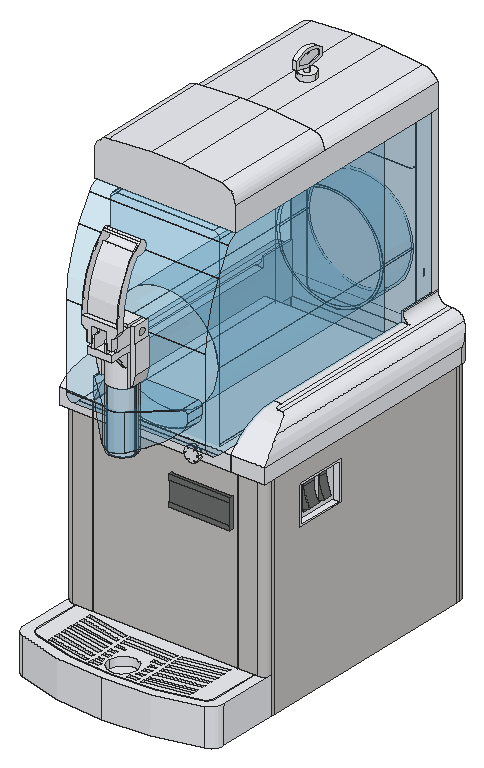
Revit family "QF_ELECTROLUXPROFESSIONAL_560102_SP1NewUK", category Specialty Equipment, Revit 2018 (continued)
Lines and regions (mm)
  Split face 68
    outline origin (-128, -90, 0) x (0, -1, 0) y (0, 0, -1)
      loop
        line (-30.859, -262.213) -> (-104.859, -262.213) -> (-100.359, -270.213) -> (-35.359, -270.213) -> (-30.859, -262.213)
  Split face 69
    outline origin (-128, -90, 0) x (0, -1, 0) y (0, 0, -1)
      loop
        line (-30.859, -252.213) -> (-104.859, -252.213) -> (-100.359, -260.213) -> (-35.359, -260.213) -> (-30.859, -252.213)
  Split face 70
    outline origin (-128, -90, 0) x (0, -1, 0) y (0, 0, -1)
      loop
        line (-30.859, -242.213) -> (-104.859, -242.213) -> (-100.359, -250.213) -> (-35.359, -250.213) -> (-30.859, -242.213)
  Split face 71
    outline origin (-128, -90, -20) x (0, -1, 0) y (0, 0, -1)
      loop
        line (-30.859, -252.213) -> (-104.859, -252.213) -> (-100.359, -260.213) -> (-35.359, -260.213) -> (-30.859, -252.213)
  Split face 72
    outline origin (-128, -90, -20) x (0, -1, 0) y (0, 0, -1)
      loop
        line (-30.859, -242.213) -> (-104.859, -242.213) -> (-100.359, -250.213) -> (-35.359, -250.213) -> (-30.859, -242.213)
  Split face 73
    outline origin (-128, -90, -40) x (0, -1, 0) y (0, 0, -1)
      loop
        line (-30.859, -252.213) -> (-104.859, -252.213) -> (-100.359, -260.213) -> (-35.359, -260.213) -> (-30.859, -252.213)
  Split face 74
    outline origin (-128, -90, -40) x (0, -1, 0) y (0, 0, -1)
      loop
        line (-30.859, -242.213) -> (-104.859, -242.213) -> (-100.359, -250.213) -> (-35.359, -250.213) -> (-30.859, -242.213)
  Split face 75
    outline origin (-128, -90, -60) x (0, -1, 0) y (0, 0, -1)
      loop
        line (-30.859, -252.213) -> (-104.859, -252.213) -> (-100.359, -260.213) -> (-35.359, -260.213) -> (-30.859, -252.213)
  Split face 76
    outline origin (-128, -90, -60) x (0, -1, 0) y (0, 0, -1)
      loop
        line (-30.859, -242.213) -> (-104.859, -242.213) -> (-100.359, -250.213) -> (-35.359, -250.213) -> (-30.859, -242.213)
  Split face 77
    outline origin (-128, -90, -80) x (0, -1, 0) y (0, 0, -1)
      loop
        line (-30.859, -252.213) -> (-104.859, -252.213) -> (-100.359, -260.213) -> (-35.359, -260.213) -> (-30.859, -252.213)
  Split face 78
    outline origin (-128, -90, -80) x (0, -1, 0) y (0, 0, -1)
      loop
        line (-30.859, -242.213) -> (-104.859, -242.213) -> (-100.359, -250.213) -> (-35.359, -250.213) -> (-30.859, -242.213)
  Split face 79
    outline origin (-128, -90, -100) x (0, -1, 0) y (0, 0, -1)
      loop
        line (-30.859, -252.213) -> (-104.859, -252.213) -> (-100.359, -260.213) -> (-35.359, -260.213) -> (-30.859, -252.213)
  Split face 80
    outline origin (-128, -90, -100) x (0, -1, 0) y (0, 0, -1)
      loop
        line (-30.859, -242.213) -> (-104.859, -242.213) -> (-100.359, -250.213) -> (-35.359, -250.213) -> (-30.859, -242.213)
  Split face 81
    outline origin (-128, -90, -120) x (0, -1, 0) y (0, 0, -1)
      loop
        line (-30.859, -252.213) -> (-104.859, -252.213) -> (-100.359, -260.213) -> (-35.359, -260.213) -> (-30.859, -252.213)
  Split face 82
    outline origin (-128, -90, -120) x (0, -1, 0) y (0, 0, -1)
      loop
        line (-30.859, -242.213) -> (-104.859, -242.213) -> (-100.359, -250.213) -> (-35.359, -250.213) -> (-30.859, -242.213)
  Split face 83
    outline origin (-128, -90, -140) x (0, -1, 0) y (0, 0, -1)
      loop
        line (-30.859, -252.213) -> (-104.859, -252.213) -> (-100.359, -260.213) -> (-35.359, -260.213) -> (-30.859, -252.213)
  Split face 84
    outline origin (-128, -90, -140) x (0, -1, 0) y (0, 0, -1)
      loop
        line (-30.859, -242.213) -> (-104.859, -242.213) -> (-100.359, -250.213) -> (-35.359, -250.213) -> (-30.859, -242.213)
  Split face 85
    outline origin (-128, -90, -160) x (0, -1, 0) y (0, 0, -1)
      loop
        line (-30.859, -252.213) -> (-104.859, -252.213) -> (-100.359, -260.213) -> (-35.359, -260.213) -> (-30.859, -252.213)
  Split face 86
    outline origin (-128, -90, -160) x (0, -1, 0) y (0, 0, -1)
      loop
        line (-30.859, -242.213) -> (-104.859, -242.213) -> (-100.359, -250.213) -> (-35.359, -250.213) -> (-30.859, -242.213)
  Split face 87
    outline origin (-128, -90, -180) x (0, -1, 0) y (0, 0, -1)
      loop
        line (-30.859, -252.213) -> (-104.859, -252.213) -> (-100.359, -260.213) -> (-35.359, -260.213) -> (-30.859, -252.213)
  Split face 88
    outline origin (-128, -90, -180) x (0, -1, 0) y (0, 0, -1)
      loop
        line (-30.859, -242.213) -> (-104.859, -242.213) -> (-100.359, -250.213) -> (-35.359, -250.213) -> (-30.859, -242.213)
  Split face 89
    outline origin (-128, -90, -200) x (0, -1, 0) y (0, 0, -1)
      loop
        line (-30.859, -252.213) -> (-104.859, -252.213) -> (-100.359, -260.213) -> (-35.359, -260.213) -> (-30.859, -252.213)
  Split face 90
    outline origin (-128, -90, -200) x (0, -1, 0) y (0, 0, -1)
      loop
        line (-30.859, -242.213) -> (-104.859, -242.213) -> (-100.359, -250.213) -> (-35.359, -250.213) -> (-30.859, -242.213)
  Split face 91
    outline origin (-89.958, 209.321, 14) x (1, 0, 0) y (0, 0, -1)
      loop
        line (19.909, -204.404) -> (29.909, -204.404) -> (29.909, -141.98) -> (19.909, -141.98) -> (19.909, -204.404)
  Split face 92
    outline origin (-76.909, 209.321, 14) x (1, 0, 0) y (0, 0, -1)
      loop
        line (19.909, -204.404) -> (29.909, -204.404) -> (29.909, -141.98) -> (19.909, -141.98) -> (19.909, -204.404)
  Split face 93
    outline origin (-63.909, 209.321, 14) x (1, 0, 0) y (0, 0, -1)
      loop
        line (19.909, -204.404) -> (29.909, -204.404) -> (29.909, -141.98) -> (19.909, -141.98) -> (19.909, -204.404)
  Split face 94
    outline origin (-50.909, 209.321, 14) x (1, 0, 0) y (0, 0, -1)
      loop
        line (19.909, -204.404) -> (29.909, -204.404) -> (29.909, -141.98) -> (19.909, -141.98) -> (19.909, -204.404)
  Split face 95
    outline origin (-37.909, 209.321, 14) x (1, 0, 0) y (0, 0, -1)
      loop
        line (19.909, -204.404) -> (29.909, -204.404) -> (29.909, -141.98) -> (19.909, -141.98) -> (19.909, -204.404)
  Split face 96
    outline origin (-24.909, 209.321, 14) x (1, 0, 0) y (0, 0, -1)
      loop
        line (19.909, -204.404) -> (29.909, -204.404) -> (29.909, -141.98) -> (19.909, -141.98) -> (19.909, -204.404)
  Split face 97
    outline origin (89.958, 209.321, 14) x (-1, 0, 0) y (0, 0, 1)
      loop
        line (19.909, 204.404) -> (19.909, 141.98) -> (29.909, 141.98) -> (29.909, 204.404) -> (19.909, 204.404)
  Split face 98
    outline origin (76.909, 209.321, 14) x (-1, 0, 0) y (0, 0, 1)
      loop
        line (19.909, 204.404) -> (19.909, 141.98) -> (29.909, 141.98) -> (29.909, 204.404) -> (19.909, 204.404)
  Split face 99
    outline origin (63.909, 209.321, 14) x (-1, 0, 0) y (0, 0, 1)
      loop
        line (19.909, 204.404) -> (19.909, 141.98) -> (29.909, 141.98) -> (29.909, 204.404) -> (19.909, 204.404)
  Split face 100
    outline origin (50.909, 209.321, 14) x (-1, 0, 0) y (0, 0, 1)
      loop
        line (19.909, 204.404) -> (19.909, 141.98) -> (29.909, 141.98) -> (29.909, 204.404) -> (19.909, 204.404)
  Split face 101
    outline origin (37.909, 209.321, 14) x (-1, 0, 0) y (0, 0, 1)
      loop
        line (19.909, 204.404) -> (19.909, 141.98) -> (29.909, 141.98) -> (29.909, 204.404) -> (19.909, 204.404)
  Split face 102
    outline origin (-89.958, 209.321, -53) x (1, 0, 0) y (0, 0, -1)
      loop
        line (19.909, -204.404) -> (29.909, -204.404) -> (29.909, -141.98) -> (19.909, -141.98) -> (19.909, -204.404)
  Split face 103
    outline origin (-76.909, 209.321, -53) x (1, 0, 0) y (0, 0, -1)
      loop
        line (19.909, -204.404) -> (29.909, -204.404) -> (29.909, -141.98) -> (19.909, -141.98) -> (19.909, -204.404)
  Split face 104
    outline origin (-63.909, 209.321, -53) x (1, 0, 0) y (0, 0, -1)
      loop
        line (19.909, -204.404) -> (29.909, -204.404) -> (29.909, -141.98) -> (19.909, -141.98) -> (19.909, -204.404)
  Split face 105
    outline origin (-50.909, 209.321, -53) x (1, 0, 0) y (0, 0, -1)
      loop
        line (19.909, -204.404) -> (29.909, -204.404) -> (29.909, -141.98) -> (19.909, -141.98) -> (19.909, -204.404)
  Split face 106
    outline origin (-37.909, 209.321, -53) x (1, 0, 0) y (0, 0, -1)
      loop
        line (19.909, -204.404) -> (29.909, -204.404) -> (29.909, -141.98) -> (19.909, -141.98) -> (19.909, -204.404)
  Split face 107
    outline origin (-24.909, 209.321, -53) x (1, 0, 0) y (0, 0, -1)
      loop
        line (19.909, -204.404) -> (29.909, -204.404) -> (29.909, -141.98) -> (19.909, -141.98) -> (19.909, -204.404)
  Split face 108
    outline origin (89.958, 209.321, -53) x (-1, 0, 0) y (0, 0, 1)
      loop
        line (19.909, 204.404) -> (19.909, 141.98) -> (29.909, 141.98) -> (29.909, 204.404) -> (19.909, 204.404)
  Split face 109
    outline origin (76.909, 209.321, -53) x (-1, 0, 0) y (0, 0, 1)
      loop
        line (19.909, 204.404) -> (19.909, 141.98) -> (29.909, 141.98) -> (29.909, 204.404) -> (19.909, 204.404)
  Split face 110
    outline origin (63.909, 209.321, -53) x (-1, 0, 0) y (0, 0, 1)
      loop
        line (19.909, 204.404) -> (19.909, 141.98) -> (29.909, 141.98) -> (29.909, 204.404) -> (19.909, 204.404)
  Split face 111
    outline origin (50.909, 209.321, -53) x (-1, 0, 0) y (0, 0, 1)
      loop
        line (19.909, 204.404) -> (19.909, 141.98) -> (29.909, 141.98) -> (29.909, 204.404) -> (19.909, 204.404)
  Split face 112
    outline origin (37.909, 209.321, -53) x (-1, 0, 0) y (0, 0, 1)
      loop
        line (19.909, 204.404) -> (19.909, 141.98) -> (29.909, 141.98) -> (29.909, 204.404) -> (19.909, 204.404)
  Split face 113
    outline origin (-89.958, 209.321, -120) x (1, 0, 0) y (0, 0, -1)
      loop
        line (19.909, -204.404) -> (29.909, -204.404) -> (29.909, -141.98) -> (19.909, -141.98) -> (19.909, -204.404)
  Split face 114
    outline origin (-76.909, 209.321, -120) x (1, 0, 0) y (0, 0, -1)
      loop
        line (19.909, -204.404) -> (29.909, -204.404) -> (29.909, -141.98) -> (19.909, -141.98) -> (19.909, -204.404)
  Split face 115
    outline origin (-63.909, 209.321, -120) x (1, 0, 0) y (0, 0, -1)
      loop
        line (19.909, -204.404) -> (29.909, -204.404) -> (29.909, -141.98) -> (19.909, -141.98) -> (19.909, -204.404)
  Split face 116
    outline origin (-50.909, 209.321, -120) x (1, 0, 0) y (0, 0, -1)
      loop
        line (19.909, -204.404) -> (29.909, -204.404) -> (29.909, -141.98) -> (19.909, -141.98) -> (19.909, -204.404)
  Split face 117
    outline origin (-37.909, 209.321, -120) x (1, 0, 0) y (0, 0, -1)
      loop
        line (19.909, -204.404) -> (29.909, -204.404) -> (29.909, -141.98) -> (19.909, -141.98) -> (19.909, -204.404)
  Split face 118
    outline origin (-24.909, 209.321, -120) x (1, 0, 0) y (0, 0, -1)
      loop
        line (19.909, -204.404) -> (29.909, -204.404) -> (29.909, -141.98) -> (19.909, -141.98) -> (19.909, -204.404)
  Split face 119
    outline origin (89.958, 209.321, -120) x (-1, 0, 0) y (0, 0, 1)
      loop
        line (19.909, 204.404) -> (19.909, 141.98) -> (29.909, 141.98) -> (29.909, 204.404) -> (19.909, 204.404)
  Split face 120
    outline origin (76.909, 209.321, -120) x (-1, 0, 0) y (0, 0, 1)
      loop
        line (19.909, 204.404) -> (19.909, 141.98) -> (29.909, 141.98) -> (29.909, 204.404) -> (19.909, 204.404)
  Split face 121
    outline origin (63.909, 209.321, -120) x (-1, 0, 0) y (0, 0, 1)
      loop
        line (19.909, 204.404) -> (19.909, 141.98) -> (29.909, 141.98) -> (29.909, 204.404) -> (19.909, 204.404)
  Split face 122
    outline origin (50.909, 209.321, -120) x (-1, 0, 0) y (0, 0, 1)
      loop
        line (19.909, 204.404) -> (19.909, 141.98) -> (29.909, 141.98) -> (29.909, 204.404) -> (19.909, 204.404)
  Split face 123
    outline origin (37.909, 209.321, -120) x (-1, 0, 0) y (0, 0, 1)
      loop
        line (19.909, 204.404) -> (19.909, 141.98) -> (29.909, 141.98) -> (29.909, 204.404) -> (19.909, 204.404)
  symbolic lines
    curve 1: arc (-116.528, -193.147, 14) -> (-69.509, -206.233, 14) -> (-21.031, -211.892, 14) r 314.7
    curve 2: arc (-128, -176.764, 14) -> (-124.847, -186.764, 14) -> (-116.528, -193.147, 14) r 17.434
    curve 3: line (-128, -108.594, 14) -> (-128, -176.764, 14)
    curve 4: line (-114, -115.977, 14) -> (-114, -172.813, 14)
    curve 5: arc (-114, -172.813, 14) -> (-111.75, -179.808, 14) -> (-105.843, -184.18, 14) r 12
    curve 6: arc (-105.843, -184.18, 14) -> (-64.978, -194.885, 14) -> (-23.02, -199.796, 14) r 302.7
    curve 7: arc (23.02, -199.796, 14) -> (64.978, -194.885, 14) -> (105.843, -184.18, 14) r 302.7
    curve 8: arc (105.843, -184.18, 14) -> (111.75, -179.808, 14) -> (114, -172.813, 14) r 12
    curve 9: line (114, -172.813, 14) -> (114, -115.977, 14)
    curve 10: arc (116.528, -193.147, 14) -> (124.847, -186.764, 14) -> (128, -176.764, 14) r 17.434
    curve 11: line (128, -176.764, 14) -> (128, -108.495, 14)
    curve 12: arc (-90.277, -183.786, 14) -> (-62.925, -190.182, 14) -> (-35.093, -193.971, 14) r 297.7
    curve 13: line (-35.093, -193.971, 14) -> (-35.093, -188.951, 14)
    curve 14: arc (-35.093, -188.951, 14) -> (-62.934, -185.094, 14) -> (-90.277, -178.584, 14) r 292.7
    curve 15: line (-90.277, -178.584, 14) -> (-90.277, -183.786, 14)
    curve 16: arc (-90.277, -173.786, 14) -> (-62.925, -180.182, 14) -> (-35.093, -183.971, 14) r 297.7
    curve 17: arc (-35.093, -178.951, 14) -> (-62.934, -175.094, 14) -> (-90.277, -168.584, 14) r 292.7
    curve 18: line (-90.277, -168.584, 14) -> (-90.277, -173.786, 14)
    curve 19: line (-35.093, -183.971, 14) -> (-35.093, -178.951, 14)
    curve 20: arc (-90.277, -163.786, 14) -> (-65.353, -169.723, 14) -> (-40.011, -173.495, 14) r 297.7
    curve 21: arc (-45.705, -167.802, 14) -> (-68.17, -164.061, 14) -> (-90.277, -158.584, 14) r 292.7
    curve 22: line (-90.277, -158.584, 14) -> (-90.277, -163.786, 14)
    curve 23: arc (-90.277, -153.786, 14) -> (-70.995, -158.577, 14) -> (-51.436, -162.07, 14) r 297.7
    curve 24: arc (-57.452, -156.07, 14) -> (-65.27, -154.645, 14) -> (-73.045, -153.009, 14) r 292.7
    curve 25: line (-90.277, -148.584, 14) -> (-90.277, -153.786, 14)
    curve 26: arc (-90.277, -143.786, 14) -> (-86.66, -144.789, 14) -> (-83.031, -145.747, 14) r 297.7
    curve 27: arc (-83.031, -140.581, 14) -> (-86.66, -139.606, 14) -> (-90.277, -138.584, 14) r 292.7
    curve 28: line (-90.277, -138.584, 14) -> (-90.277, -143.786, 14)
    curve 29: arc (-90.277, -133.786, 14) -> (-86.66, -134.789, 14) -> (-83.031, -135.747, 14) r 297.7
    curve 30: arc (-83.031, -130.581, 14) -> (-86.66, -129.606, 14) -> (-90.277, -128.584, 14) r 292.7
    curve 31: line (-90.277, -128.584, 14) -> (-90.277, -133.786, 14)
    curve 32: arc (-30.3, -184.288, 14) -> (-29.707, -184.315, 14) -> (-29.113, -184.342, 14) r 649.216
    curve 33: line (-30.3, -183.206, 14) -> (-30.3, -184.288, 14)
    curve 34: arc (-23.968, -189.549, 14) -> (-27.134, -189.423, 14) -> (-30.3, -189.282, 14) r 644.216
    curve 35: line (-30.3, -189.282, 14) -> (-30.3, -194.288, 14)
    curve 36: arc (-30.3, -194.288, 14) -> (-26.66, -194.447, 14) -> (-23.02, -194.587, 14) r 649.216
    curve 37: arc (90.277, -183.786, 14) -> (62.925, -190.182, 14) -> (35.093, -193.971, 14) r 297.7
    curve 38: line (35.093, -193.971, 14) -> (35.093, -188.951, 14)
    curve 39: arc (35.093, -188.951, 14) -> (62.934, -185.094, 14) -> (90.277, -178.584, 14) r 292.7
    curve 40: line (90.277, -178.584, 14) -> (90.277, -183.786, 14)
    curve 41: arc (90.277, -173.786, 14) -> (62.925, -180.182, 14) -> (35.093, -183.971, 14) r 297.7
    curve 42: arc (35.093, -178.951, 14) -> (62.934, -175.094, 14) -> (90.277, -168.584, 14) r 292.7
    curve 43: line (90.277, -168.584, 14) -> (90.277, -173.786, 14)
    curve 44: line (35.093, -183.971, 14) -> (35.093, -178.951, 14)
    curve 45: arc (90.277, -163.786, 14) -> (65.32, -169.73, 14) -> (39.943, -173.502, 14) r 297.7
    curve 46: arc (45.634, -167.811, 14) -> (68.136, -164.068, 14) -> (90.277, -158.584, 14) r 292.7
    curve 47: line (90.277, -158.584, 14) -> (90.277, -163.786, 14)
    curve 48: arc (90.277, -153.786, 14) -> (70.959, -158.584, 14) -> (51.364, -162.081, 14) r 297.7
    curve 49: arc (57.36, -156.085, 14) -> (65.223, -154.654, 14) -> (73.045, -153.009, 14) r 292.7
    curve 50: line (90.277, -148.584, 14) -> (90.277, -153.786, 14)
    curve 51: arc (90.277, -143.786, 14) -> (85.368, -145.136, 14) -> (80.436, -146.402, 14) r 297.7
    curve 52: arc (80.436, -141.248, 14) -> (85.368, -139.959, 14) -> (90.277, -138.584, 14) r 292.7
    curve 53: line (90.277, -138.584, 14) -> (90.277, -143.786, 14)
    curve 54: arc (90.277, -133.786, 14) -> (85.368, -135.136, 14) -> (80.436, -136.402, 14) r 297.7
    curve 55: arc (80.436, -131.248, 14) -> (85.368, -129.959, 14) -> (90.277, -128.584, 14) r 292.7
    curve 56: line (90.277, -128.584, 14) -> (90.277, -133.786, 14)
    curve 57: arc (30.3, -184.288, 14) -> (29.689, -184.316, 14) -> (29.077, -184.344, 14) r 649.216
    curve 58: line (30.3, -183.145, 14) -> (30.3, -184.288, 14)
    curve 59: arc (23.877, -189.552, 14) -> (27.089, -189.425, 14) -> (30.3, -189.282, 14) r 644.216
    curve 60: line (30.3, -189.282, 14) -> (30.3, -194.288, 14)
    curve 61: arc (30.3, -194.288, 14) -> (26.66, -194.447, 14) -> (23.02, -194.587, 14) r 649.216
    curve 62: line (-90.031, 212, 14) -> (-90.031, -113.009, 14)
    curve 64: arc (-90.031, 30.512, 14) -> (-84.173, 16.37, 14) -> (-70.031, 10.512, 14) r 20
    curve 65: arc (89.969, 30.512, 14) -> (84.111, 16.37, 14) -> (69.969, 10.512, 14) r 20
    curve 66: line (89.969, 30.512, 14) -> (89.969, -113.009, 14)
    curve 67: line (-3, 135.359, 14) -> (3, 135.359, 14)
    curve 68: line (-3, 96.233, 14) -> (-3, 135.359, 14)
    curve 69: line (3, 96.233, 14) -> (-3, 96.233, 14)
    curve 70: line (3, 135.359, 14) -> (3, 96.233, 14)
    curve 71: arc (-3, 105.213, 14) -> (-11, 115.796, 14) -> (-3, 126.379, 14) r 11
    curve 72: arc (3, 126.379, 14) -> (11, 115.796, 14) -> (3, 105.213, 14) r 11
    curve 73: arc (-90.031, -93.009, 14) -> (-82.737, -87.583, 14) -> (-73.891, -85.483, 14) r 22.513
    curve 74: arc (89.969, -93.009, 14) -> (82.675, -87.583, 14) -> (73.83, -85.483, 14) r 22.513
    curve 75: arc (-73.891, -85.483, 14) -> (-0.031, -83.009, 14) -> (73.83, -85.483, 14) r 1103.745
    curve 76: line (-0.031, -113.009, 14) -> (-0.031, -171, 14)
    curve 77: line (-83.031, -113.009, 14) -> (-83.031, -153.009, 14)
    curve 78: line (80.436, -113.009, 14) -> (80.436, -153.009, 14)
    curve 79: line (80.436, -153.009, 14) -> (-83.031, -153.009, 14)
    curve 80: line (55.436, -153.009, 14) -> (20.969, -187.476, 14)
    curve 81: line (-21.031, -216, 14) -> (20.969, -216, 14)
    curve 82: line (20.969, -216, 14) -> (20.969, -171, 14)
    curve 83: line (20.969, -171, 14) -> (-21.031, -171, 14)
    curve 84: line (15.969, -216, 14) -> (15.969, -181, 14)
    curve 85: line (15.969, -181, 14) -> (-15.031, -181, 14)
    curve 86: line (-15.031, -196, 14) -> (15.969, -196, 14)
    curve 87: line (60.436, -153.009, 14) -> (20.969, -192.476, 14)
    curve 88: line (-55.497, -153.009, 14) -> (-21.031, -187.476, 14)
    curve 89: line (-60.497, -153.009, 14) -> (-21.031, -192.476, 14)
    curve 90: line (-21.031, -216, 14) -> (-21.031, -171, 14)
    curve 91: line (-15.031, -216, 14) -> (-15.031, -181, 14)
    curve 95: arc (-111.031, -118.009, 14) -> (-125.173, -112.151, 14) -> (-131.031, -98.009, 14) r 20
    curve 96: line (-111.531, 212, 14) -> (-111.531, -50.009, 14)
    curve 97: line (-111.531, -50.009, 14) -> (-128.531, -50.009, 14)
    curve 98: line (-128.531, -50.009, 14) -> (-128.531, 206.68, 14)
    curve 99: arc (-118.054, 212, 14) -> (-127.23, 208.199, 14) -> (-131.031, 199.023, 14) r 12.977
    curve 100: line (-111.531, -50.009, 14) -> (-111.531, -67.785, 14)
    curve 101: arc (-111.531, -67.785, 14) -> (-113.43, -92.343, 14) -> (-119.082, -116.317, 14) r 159.732
    curve 102: line (-128.531, -50.009, 14) -> (-131.031, -67.798, 14)
    curve 103: line (-90.031, 157, 14) -> (-105.031, 157, 14)
    curve 104: line (-105.031, 157, 14) -> (-105.031, -88.009, 14)
    curve 105: arc (-105.031, -88.009, 14) -> (-103.566, -99.132, 14) -> (-99.273, -109.498, 14) r 42.977
    curve 106: line (-99.273, -109.498, 14) -> (-90.031, -109.498, 14)
    curve 110: arc (110.969, -118.009, 14) -> (125.111, -112.151, 14) -> (130.969, -98.009, 14) r 20
    curve 111: line (111.469, 212, 14) -> (111.469, -50.009, 14)
    curve 112: line (111.469, -50.009, 14) -> (128.469, -50.009, 14)
    curve 113: line (128.469, -50.009, 14) -> (128.469, 206.68, 14)
    curve 114: arc (117.992, 212, 14) -> (127.168, 208.199, 14) -> (130.969, 199.023, 14) r 12.977
    curve 115: line (111.469, -50.009, 14) -> (111.469, -67.785, 14)
    curve 116: arc (111.469, -67.785, 14) -> (113.368, -92.343, 14) -> (119.021, -116.317, 14) r 159.732
    curve 117: line (128.469, -50.009, 14) -> (130.969, -67.798, 14)
    curve 118: line (89.969, 157, 14) -> (104.969, 157, 14)
    curve 119: line (104.969, 157, 14) -> (104.969, -88.009, 14)
    curve 120: arc (104.969, -88.009, 14) -> (103.505, -99.132, 14) -> (99.211, -109.498, 14) r 42.977
    curve 121: line (99.211, -109.498, 14) -> (89.969, -109.498, 14)
    curve 125: arc (-83.031, -150.581, 14) -> (-86.66, -149.606, 14) -> (-90.277, -148.584, 14) r 292.7
    curve 126: arc (-90.277, -123.786, 14) -> (-86.668, -124.787, 14) -> (-83.046, -125.743, 14) r 297.7
    curve 127: line (-90.277, -118.584, 14) -> (-90.277, -123.786, 14)
    curve 128: arc (-83.043, -120.578, 14) -> (-86.666, -119.604, 14) -> (-90.277, -118.584, 14) r 292.7
    curve 129: arc (20.969, -211.894, 14) -> (69.478, -206.239, 14) -> (116.528, -193.147, 14) r 314.7
    curve 130: arc (80.436, -151.248, 14) -> (85.368, -149.959, 14) -> (90.277, -148.584, 14) r 292.7
    curve 131: arc (90.277, -118.584, 14) -> (85.368, -119.959, 14) -> (80.436, -121.248, 14) r 292.7
    curve 132: line (90.277, -123.786, 14) -> (90.277, -118.584, 14)
    curve 133: arc (80.436, -126.402, 14) -> (85.368, -125.136, 14) -> (90.277, -123.786, 14) r 297.7
  symbolic lines, style "SpecialityEquipment"
    curve 63: line (-70.031, 10.512, 14) -> (69.969, 10.512, 14)
    curve 92: line (117.992, 212, 14) -> (-118.054, 212, 14)
    curve 93: line (89.969, 212, 14) -> (89.969, 30.512, 14)
    curve 94: line (89.969, -113.009, 14) -> (-90.031, -113.009, 14)
    curve 107: line (-131.031, 199.023, 14) -> (-131.031, -98.009, 14)
    curve 108: line (-90.031, -113.009, 14) -> (-90.031, -118.009, 14)
    curve 109: line (-90.031, -118.009, 14) -> (-111.031, -118.009, 14)
    curve 122: line (130.969, 199.023, 14) -> (130.969, -98.009, 14)
    curve 123: line (89.969, -113.009, 14) -> (89.969, -118.009, 14)
    curve 124: line (89.969, -118.009, 14) -> (110.969, -118.009, 14)
Dimensions and locks
  plane 4 "FEET" to level = 14 mm
  plane 6 "LEFT" to plane 3 "Center (Left/Right)" to plane 7 "RIGHT" = 131 mm, 131 mm
  plane 5 "BACK" to plane 1 "Center (Front/Back)" = 212 mm
  plane 6 "LEFT" to plane 7 "RIGHT" = 262 mm
  plane 5 "BACK" to plane 8 = 43 mm
  plane 8 to plane 11 = 250 mm
  plane 14 "TOP" to level = 640 mm
  plane 15 "FRONT" to plane 5 "BACK" = 428 mm
  plane 5 "BACK" to plane 15 "FRONT" = 428 mm
  Extrusion 63 to Extrusion 62 = 606 mm
  Extrusion 62 to Extrusion 63 = 613 mm
  cut or joined group of Extrusion 44, Extrusion 65 to cut or joined group of Extrusion 44, Extrusion 65 = 180.056 mm
  aligned and locked: level to plane 2 "BASE"
Connectors
  electrical at (69, -56, 4)
    settings: on Extrusion 30, index 1, voltage 0 V, apparent load 0 VA, apparent load phase1 0 VA, apparent load phase2 0 VA, apparent load phase3 0 VA, power factor 1, load classification "Other", number of poles 1, system type 30, power factor state 1, is connector primary yes, connector utility no, sub classification motor no, connector description "Electrical connection"
